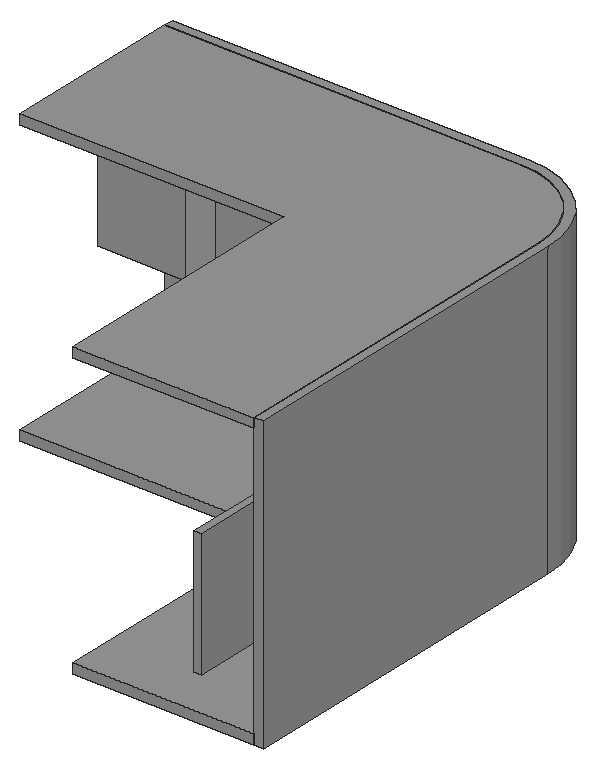
Revit family "Außeneckhaube WDK HA 40060RW", category Generic Models, Revit 2017
Family settings
  Can host rebar = No
  Round Connector Dimension = Use Diameter
  Part Type = Normal
  Work Plane-Based = No
  Always vertical = Yes
  Cut with Voids When Loaded = No
  Shared = No
  Room Calculation Point = No
Parameters (values of type "WDK HA40060RW")
  URL = "hhtp://www.obo-bettermann.com"
  Material = Polyvinylchlorid
  Manufacturer Art.No. = "6192254"
  Manufacturer = "OBO BETTERMANN"
  GTIN = "4012196795550"
  Article Type = "WDK HA40060RW"
Reference planes
  plane 1 "Center (Front/Back)": y = 0
  plane 2: z = 0
  plane 3 "Center (Left/Right)": x = 0
  plane 4: y = 100
  plane 5: x = 100
  plane 6: y = 59.3
  plane 7: x = 59.3
  plane 8: z = 65.9
  plane 9: z = 63.7
  plane 10: z = 32.9
  plane 11: y = 99.953
  plane 12: x = 100
  plane 13: y = 59.253
  plane 14: x = 59.3
  plane 15: x = 7
  plane 16: y = 98
  plane 17: x = -12.2
  plane 18: z = 47.05
  plane 19: z = 18.75
  plane 20: through (0, 0, 1200) normal (-0.7071, 0.7071, 0)
  plane 21: y = 7
  plane 22: x = 98
  plane 23: y = -12.2
Forms (mm)
  Extrusion 1, solid, material "Polyvinylchlorid" <- "Material"
    sketch origin (0, 0, 0) x (1, 0, 0) y (0, 1, 0)
      loop
        line (0, 100) -> (0, 59.3) -> (59.3, 59.3) -> (59.3, 0) -> (100, 0) -> (100, 80)
        arc (100, 80) -> (94.142, 94.142) -> (80, 100) r 20
        line (80, 100) -> (0, 100)
    from 63.7 to 65.9
  Extrusion 2, solid, material "Polyvinylchlorid" <- "Material"
    sketch origin (0, -0.047, -65.9) x (0, -1, 0) y (1, 0, 0)
      loop
        line (-100.047, 0) -> (-59.347, 0) -> (-59.347, 59.3) -> (-0.047, 59.3) -> (-0.047, 100) -> (-80.028, 100)
        arc (-80.028, 100) -> (-94.183, 94.137) -> (-100.047, 79.981) r 20.019
        line (-100.047, 79.981) -> (-100.047, 0)
    from 68.1 to 65.9
  Extrusion 3, solid, material "Polyvinylchlorid" <- "Material"
    sketch origin (0, 0, 0) x (1, 0, 0) y (0, 1, 0)
      loop
        line (0, 100) -> (79.981, 100)
        arc (79.981, 100) -> (94.137, 94.137) -> (100, 79.981) r 20.019
        line (100, 79.981) -> (100, 0) -> (102.2, 0) -> (102.2, 79.981)
        arc (102.2, 79.981) -> (95.692, 95.692) -> (79.981, 102.2) r 22.219
        line (79.981, 102.2) -> (0, 102.2) -> (0, 100)
    from 0 to 65.9
  Extrusion 4, solid, material "Polyvinylchlorid" <- "Material"
    sketch origin (0, 0, 0) x (1, 0, 0) y (0, 1, 0)
      loop
        line (7, 98) -> (-12.2, 98) -> (-12.2, 96.3) -> (7.722, 96.3) -> (11.295, 100) -> (8.931, 100) -> (7, 98)
    from 18.75 to 47.05
  Extrusion 5, solid, material "Polyvinylchlorid" <- "Material"
    sketch origin (0, 0, 0) x (1, 0, 0) y (0, 1, 0)
      loop
        line (98, -12.2) -> (98, 7) -> (100, 8.931) -> (100, 11.422) -> (96.3, 7.722) -> (96.3, -12.2) -> (98, -12.2)
    from 18.75 to 47.05
Dimensions and locks
  locked: Extrusion 1 sketch curve to Extrusion 1 sketch curve at 40.7  (x2)
  locked: Extrusion 1 sketch curve to Extrusion 1 sketch curve at 100  (x2)
  locked: Extrusion 1 to Extrusion 1 at 2.2
  plane 8 to level = 65.9 mm
  locked: plane 8 to plane 10 at 33
  locked: Extrusion 2 sketch curve to Extrusion 2 sketch curve at 40.7  (x2)
  locked: Extrusion 2 sketch curve to Extrusion 2 sketch curve at 100  (x2)
  locked: Extrusion 2 to Extrusion 2 at 2.2
  locked: Extrusion 1 to Extrusion 3 sketch curve at 2.2  (x2)
  locked: Extrusion 3 sketch curve to Extrusion 3 sketch curve at 102.2  (x2)
  locked: plane 16 to Extrusion 3 at 2
  locked: Extrusion 1 to plane 15 at 7
  locked: plane 17 to Extrusion 1 at 12.2
  locked: Extrusion 4 sketch curve to Extrusion 4 sketch curve at 1.7  (x2)
  locked: Extrusion 4 sketch curve to Extrusion 4 sketch curve at 19.922
  locked: Extrusion 4 sketch curve to Extrusion 4 sketch curve at 19.2
  locked: Extrusion 4 sketch curve to Extrusion 3 at 3.7
  Extrusion 4 sketch curve to Extrusion 4 sketch curve = 1.7 mm
  locked: plane 10 to plane 18 at 14.15
  locked: plane 19 to plane 10 at 14.15
  Extrusion 5 sketch curve to Extrusion 5 sketch curve = 1.7 mm
  locked: Extrusion 5 sketch curve to Extrusion 3 at 3.7
  locked: Extrusion 5 sketch curve to Extrusion 5 sketch curve at 19.2
  locked: Extrusion 5 to Extrusion 5 at 28.3
  locked: plane 16 to Extrusion 4 sketch curve (angle 46.00°)
  locked: Extrusion 5 sketch curve to plane 22 (angle 46.00°)
  aligned and locked: level to plane 2
  aligned and locked: Extrusion 1 to plane 3 "Center (Left/Right)"
  aligned and locked: plane 1 "Center (Front/Back)" to Extrusion 1
  aligned and locked: plane 8 to Extrusion 1
  aligned and locked: Extrusion 1 to plane 9
  aligned and locked: Extrusion 2 to level
  aligned and locked: plane 1 "Center (Front/Back)" to Extrusion 2
  aligned and locked: Extrusion 1 to Extrusion 2
  aligned and locked: plane 1 "Center (Front/Back)" to Extrusion 3
  aligned and locked: Extrusion 3 to plane 3 "Center (Left/Right)"
  aligned and locked: Extrusion 3 to Extrusion 1
  aligned and locked: Extrusion 3 to level
  aligned and locked: Extrusion 1 to Extrusion 4 sketch curve
  aligned and locked: plane 17 to Extrusion 4 sketch curve
  aligned and locked: Extrusion 4 sketch curve to plane 17
  aligned and locked: Extrusion 1 to Extrusion 4
  aligned and locked: plane 18 to Extrusion 4
  aligned and locked: Extrusion 4 to plane 19
  aligned and locked: Extrusion 1 to Extrusion 5 sketch curve
  aligned and locked: plane 23 to Extrusion 5 sketch curve  (x2)
  aligned and locked: Extrusion 1 to Extrusion 5
  aligned and locked: Extrusion 4 to Extrusion 5
  aligned and locked: Extrusion 5 to Extrusion 4
Automatic sketch dimensions
  Extrusion 1 sketch curve to plane 3 "Center (Left/Right)" = 0 mm
  Extrusion 1 sketch curve to plane 20 = 0 mm
  Extrusion 1 sketch curve to plane 4 = 20 mm
  Extrusion 2 sketch curve to plane 3 "Center (Left/Right)" = 0 mm
  Extrusion 2 sketch curve to plane 20 = 0 mm
  Extrusion 2 sketch curve to plane 11 = 19.972 mm
  Extrusion 3 sketch curve to Extrusion 3 sketch curve = 0 mm  (x2)
  Extrusion 3 sketch curve to Extrusion 3 sketch curve = 22.219 mm
  Extrusion 3 sketch curve to Extrusion 3 sketch curve = 2.2 mm
  plane 21 to Extrusion 5 sketch curve = 0.722 mm
  Extrusion 5 sketch curve to Extrusion 5 sketch curve = 2.49 mm
